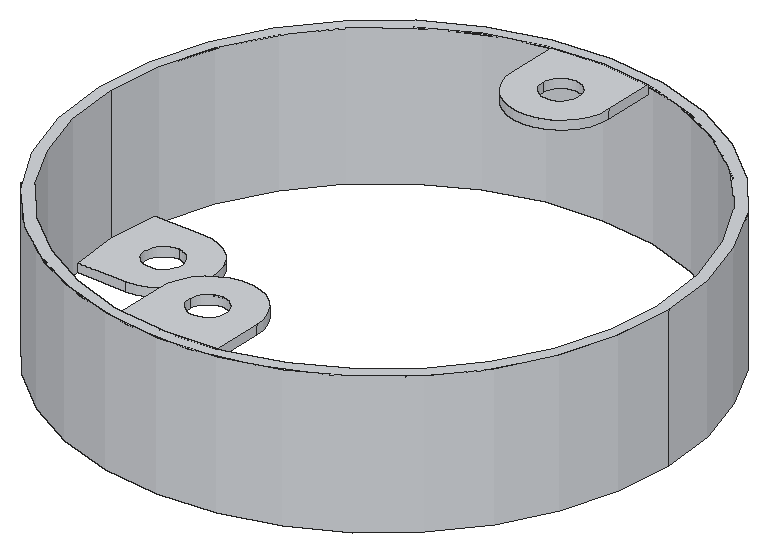
Revit family "SR16B", category Generic Models, Revit 2017
Family settings
  Can host rebar = No
  Round Connector Dimension = Use Diameter
  Part Type = Normal
  Work Plane-Based = Yes
  Always vertical = No
  Cut with Voids When Loaded = No
  Shared = No
  Room Calculation Point = No
Parameters (values of type "NBS Standard Parameters")
  Weight = "0.32Kg"
  WarrantyStartDate [instance] = "1900-12-31T23:59:59"
  WarrantyGuarantorParts = "n/a"
  WarrantyGuarantorLabor = "n/a"
  WarrantyDurationUnit = "1 year"
  WarrantyDurationParts = "n/a"
  WarrantyDurationLabor = "n/a"
  WarrantyDescription = "n/a"
  Version = "1"
  Uniclass2 = "Pr_65_70_11_20"
  TagNumber [instance] = "n/a"
  SustainabilityPerformance = "n/a"
  Size = "16mm"
  Shape = "Circular"
  SerialNumber [instance] = "n/a"
  Revision = "n/a"
  ReplacementCost = "n/a"
  ProductInformation = "www.metpro.co.uk/pdf/sr16g.pdf"
  NominalWidth = 65 mm
  NominalLength = 65 mm
  NominalHeight = 16 mm
  Name = ""
  NBSTypeID = ""
  NBSReference = "90-55-10/460"
  NBSOfficeMasterTag = ""
  NBSNote = ""
  NBSDescription = "Conduit Fittings"
  NBSCertification = ""
  ModelReference = "SR16B"
  ModelNumber = "n/a"
  Material = "Steel"
  ManufacturerURL = "www.metpro.co.uk"
  ManufacturerName = "Metpro Ltd"
  InstallationDate [instance] = "1900-12-31T23:59:59"
  IfcExportType = ""
  IfcExportAs = ""
  Grade = "n/a"
  Finish = "Black"
  Features = "n/a"
  ExpectedLife = "n/a"
  DurationUnit = "year"
  Description = "SR16B - 16mm Extension Ring"
  Default Elevation = 1219.2 mm
  Constituents = "n/a"
  Color = "n/a"
  CodePerformance = "n/a"
  Category = "n/a"
  BarCode [instance] = "n/a"
  BIMObjectName = "Metpro_metprolibrary_conduitfittings_metalcomponent_steelaccessories"
  Author = "Metpro Ltd"
  AssetType = ""
  AssetIdentifier [instance] = "n/a"
  AccessibilityPerformance = "n/a"
Reference planes
  plane 1 "Center (Front/Back)": y = 0
  plane 2: z = 0
  plane 3 "Center (Left/Right)": x = 0
Forms (mm)
  Extrusion 1, solid
    sketch origin (32.5, -33.19, 0) x (1, 0, 0) y (0, 1, 0)
      loop
        circle (0, 0) r 32.5
      loop
        circle (0, 0) r 31.25
    from 0 to 16
  Extrusion 2, solid
    sketch origin (32.5, -33.19, 16) x (1, 0, 0) y (0, 1, 0)
      loop
        arc (5.546, -25.174) -> (0.046, -19.674) -> (-5.454, -25.174) r 5.5
        line (-5.454, -25.174) -> (-5.454, -30.77)
        arc (-5.454, -30.77) -> (0.047, -31.25) -> (5.546, -30.754) r 31.25
        line (5.546, -30.754) -> (5.546, -25.174)
      loop
        circle (0, -25.2) r 2.1
      loop
        line (5.546, 25.174) -> (5.546, 30.754)
        arc (5.546, 30.754) -> (0.047, 31.25) -> (-5.454, 30.77) r 31.25
        line (-5.454, 30.77) -> (-5.454, 25.174)
        arc (-5.454, 25.174) -> (0.046, 19.674) -> (5.546, 25.174) r 5.5
      loop
        circle (0, 25.2) r 2.1
    from 0 to -1
  Extrusion 3, solid
    sketch origin (32.5, -33.19, 0) x (0, 1, 0) y (1, 0, 0)
      loop
        line (5.546, 25.174) -> (5.546, 30.754)
        arc (5.546, 30.754) -> (0.047, 31.25) -> (-5.454, 30.77) r 31.25
        line (-5.454, 30.77) -> (-5.454, 25.174)
        arc (-5.454, 25.174) -> (0.046, 19.674) -> (5.546, 25.174) r 5.5
      loop
        circle (0, 25.2) r 2.1
      loop
        arc (5.546, -25.174) -> (0.046, -19.674) -> (-5.454, -25.174) r 5.5
        line (-5.454, -25.174) -> (-5.454, -30.77)
        arc (-5.454, -30.77) -> (0.047, -31.25) -> (5.546, -30.754) r 31.25
        line (5.546, -30.754) -> (5.546, -25.174)
      loop
        circle (0, -25.2) r 2.1
    from 0 to -1
Dimensions and locks
  aligned and locked: level to plane 2
